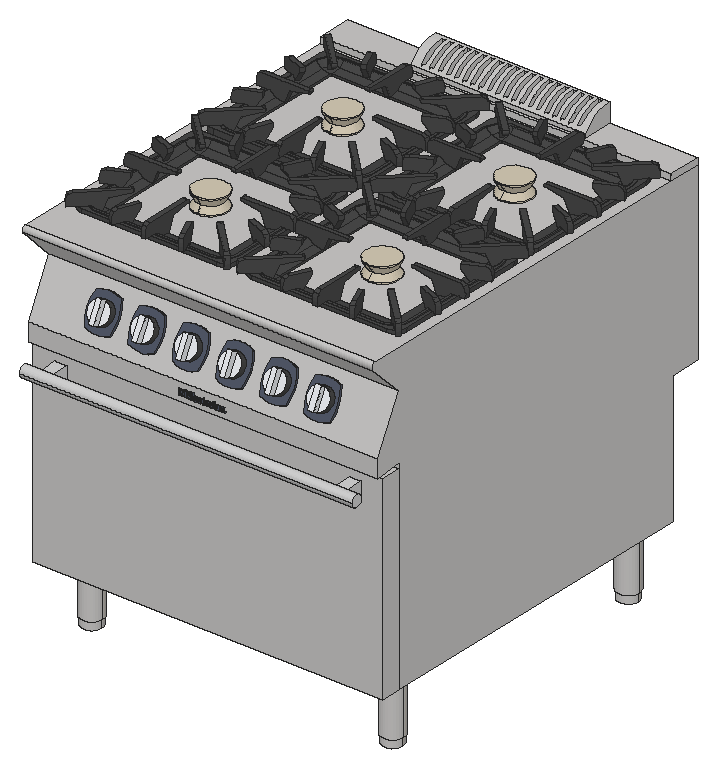
Revit family "QF_ELECTROLUXPROFESSIONAL_391195_E9GCTH4CEM", category Specialty Equipment, Revit 2018 (continued)
Automatic sketch dimensions
  plane 5 "FRONT" to Extrusion 14 sketch curve = 8.678 mm
  Extrusion 14 sketch curve to plane 5 "FRONT" = 30 mm
  Extrusion 14 sketch curve to plane 10 = 298.908 mm
  Extrusion 14 sketch curve to Extrusion 14 sketch curve = 3.343 mm
  Extrusion 14 sketch curve to Extrusion 14 sketch curve = 2.066 mm
  Extrusion 14 sketch curve to Extrusion 14 sketch curve = 5.312 mm
  Extrusion 14 sketch curve to Extrusion 14 sketch curve = 28.009 mm
  plane 5 "FRONT" to Extrusion 15 sketch curve = 22.981 mm
  Extrusion 15 sketch curve to Extrusion 15 sketch curve = 0 mm  (x2)
  Extrusion 15 sketch curve to Extrusion 15 sketch curve = 1.139 mm
  Extrusion 15 sketch curve to Extrusion 15 sketch curve = 3.102 mm
  Extrusion 15 sketch curve to Extrusion 15 sketch curve = 4.033 mm
  Extrusion 15 sketch curve to Extrusion 15 sketch curve = 4.436 mm
  Extrusion 15 sketch curve to Extrusion 15 sketch curve = 5.898 mm
  plane 5 "FRONT" to Extrusion 15 sketch curve = 8.678 mm
  Extrusion 15 sketch curve to plane 5 "FRONT" = 30 mm
  Extrusion 15 sketch curve to plane 10 = 270.899 mm
  Extrusion 15 sketch curve to Extrusion 15 sketch curve = 2.705 mm
  Extrusion 15 sketch curve to Extrusion 15 sketch curve = 5.987 mm
  Extrusion 15 sketch curve to Extrusion 15 sketch curve = 5.312 mm
  Extrusion 15 sketch curve to Extrusion 15 sketch curve = 28.009 mm
  plane 5 "FRONT" to Extrusion 16 sketch curve = 19.878 mm
  Extrusion 16 sketch curve to plane 10 = 279.591 mm
  Extrusion 17 sketch curve to plane 8 "Center X" = 169 mm
  Extrusion 17 sketch curve to plane 4 "RIGHT" = 166.137 mm
  Extrusion 18 sketch curve to plane 8 "Center X" = 219 mm
  Extrusion 18 sketch curve to plane 4 "RIGHT" = 133.637 mm
  Revolve 19 sketch curve to plane 9 "Base" = 0 mm  (x2)
  Revolve 19 sketch curve to level = 0 mm
  Revolve 19 sketch curve to plane 4 "RIGHT" = 30.6 mm
  Revolve 19 sketch curve to Revolve 19 sketch curve = 2.5 mm
  Revolve 19 sketch curve to Revolve 19 sketch curve = 25.4 mm
  Revolve 19 sketch curve to Revolve 19 sketch curve = 0 mm
  plane 9 "Base" to Revolve 19 sketch curve = 20 mm
  level to Revolve 19 sketch curve = 19.05 mm
  Revolve 20 sketch curve to plane 9 "Base" = 0 mm  (x2)
  Revolve 20 sketch curve to level = 0 mm
  Revolve 20 sketch curve to plane 4 "RIGHT" = 30.6 mm
  Revolve 20 sketch curve to Revolve 20 sketch curve = 2.5 mm
  Revolve 20 sketch curve to Revolve 20 sketch curve = 25.4 mm
  Revolve 20 sketch curve to Revolve 20 sketch curve = 0 mm
  plane 9 "Base" to Revolve 20 sketch curve = 20 mm
  level to Revolve 20 sketch curve = 19.05 mm
  Extrusion 5 to Extrusion 21 sketch curve = 28.141 mm  (x12)
  Extrusion 21 sketch curve to Extrusion 21 sketch curve = 12.3 mm  (x6)
  Extrusion 21 sketch curve to Extrusion 21 sketch curve = 36.365 mm  (x7)
  Extrusion 21 sketch curve to Extrusion 21 sketch curve = 0 mm  (x5)
  Extrusion 21 sketch curve to Extrusion 5 = 40.711 mm  (x6)
  Extrusion 21 sketch curve to Extrusion 5 = 28.411 mm  (x12)
  Extrusion 5 to Extrusion 21 sketch curve = 94.369 mm
  Extrusion 21 sketch curve to Extrusion 21 sketch curve = 25.727 mm
  Extrusion 21 sketch curve to Extrusion 21 sketch curve = 26.344 mm
  Extrusion 21 sketch curve to Extrusion 21 sketch curve = 28.57 mm  (x4)
  Extrusion 21 sketch curve to Extrusion 21 sketch curve = 9.217 mm  (x3)
  Extrusion 21 sketch curve to Extrusion 21 sketch curve = 16.51 mm  (x3)
  Extrusion 21 sketch curve to Extrusion 21 sketch curve = 17.128 mm  (x2)
  Extrusion 21 sketch curve to Extrusion 21 sketch curve = 8.501 mm
  Extrusion 21 sketch curve to Extrusion 21 sketch curve = 17.226 mm  (x2)
  Extrusion 21 sketch curve to Extrusion 21 sketch curve = 17.843 mm
  Extrusion 21 sketch curve to Extrusion 21 sketch curve = 7.888 mm
  Extrusion 21 sketch curve to Extrusion 21 sketch curve = 17.839 mm
  Extrusion 21 sketch curve to Extrusion 21 sketch curve = 29.185 mm  (x2)
  Extrusion 21 sketch curve to Extrusion 21 sketch curve = 15.898 mm
  Extrusion 22 sketch curve to Extrusion 22 sketch curve = 0 mm  (x23)
  Extrusion 22 sketch curve to Extrusion 22 sketch curve = 24.732 mm  (x12)
  Extrusion 22 sketch curve to Extrusion 22 sketch curve = 5.786 mm  (x6)
  Extrusion 22 sketch curve to Extrusion 22 sketch curve = 88.428 mm  (x3)
  Extrusion 22 sketch curve to Extrusion 22 sketch curve = 88.514 mm
  Extrusion 22 sketch curve to Extrusion 22 sketch curve = 90.928 mm
  Extrusion 23 sketch curve to plane 4 "RIGHT" = 147.757 mm
  Extrusion 23 sketch curve to plane 7 "Center Y" = 150.344 mm
  Extrusion 23 sketch curve to Extrusion 23 sketch curve = 0 mm  (x5)
  plane 7 "Center Y" to Extrusion 23 sketch curve = 49.743 mm
  Extrusion 23 sketch curve to Extrusion 23 sketch curve = 100 mm  (x2)
  Extrusion 23 sketch curve to plane 7 "Center Y" = 50.257 mm
  curve 12 to plane 3 "LEFT" = 0 mm
  plane 1 "BACK" to curve 3 = 0 mm
  curve 13 to plane 4 "RIGHT" = 0 mm
  curve 5 to plane 5 "FRONT" = 0.121 mm
  curve 5 to curve 1 = 100 mm
  curve 4 to plane 7 "Center Y" = 0.05 mm
  plane 7 "Center Y" to curve 1 = 0.05 mm
  plane 7 "Center Y" to curve 3 = 0.05 mm
  curve 7 to plane 5 "FRONT" = 0.121 mm
  curve 14 to curve 7 = 100 mm
  curve 8 to plane 5 "FRONT" = 0.121 mm
  plane 5 "FRONT" to curve 12 = 379 mm
  curve 11 to plane 11 = 51.8 mm
  curve 5 to plane 1 "BACK" = 150 mm
  plane 1 "BACK" to curve 15 = 0 mm
  curve 16 to plane 11 = 58.15 mm
  plane 13 to curve 16 = 144 mm
  plane 14 to curve 17 = 144 mm
  plane 1 "BACK" to curve 20 = 6.761 mm
  curve 15 to curve 20 = 20.698 mm
  curve 19 to curve 22 = 9.296 mm
  curve 15 to curve 22 = 5.939 mm
  curve 20 to curve 24 = 9.397 mm
  curve 23 to curve 26 = 9.296 mm
  curve 21 to curve 25 = 0 mm
  plane 1 "BACK" to curve 24 = 6.761 mm
  curve 24 to curve 28 = 9.397 mm
  curve 27 to curve 29 = 9.296 mm
  curve 25 to curve 30 = 0 mm
  plane 1 "BACK" to curve 27 = 6.761 mm
  curve 28 to curve 31 = 9.397 mm
  curve 31 to curve 33 = 9.296 mm
  curve 29 to curve 31 = 0 mm
  plane 1 "BACK" to curve 33 = 6.761 mm
  curve 32 to curve 35 = 9.397 mm
  curve 35 to curve 36 = 9.296 mm
  curve 33 to curve 35 = 0 mm
  plane 1 "BACK" to curve 37 = 6.761 mm
  curve 36 to curve 39 = 9.397 mm
  curve 39 to curve 40 = 9.296 mm
  curve 37 to curve 39 = 0 mm
  plane 1 "BACK" to curve 41 = 6.761 mm
  curve 40 to curve 43 = 9.397 mm
  curve 43 to curve 44 = 9.296 mm
  curve 41 to curve 43 = 0 mm
  plane 1 "BACK" to curve 45 = 6.761 mm
  curve 45 to curve 50 = 9.397 mm
  curve 47 to curve 48 = 9.296 mm
  curve 45 to curve 47 = 0 mm
  plane 1 "BACK" to curve 49 = 6.761 mm
  curve 53 to curve 16 = 24.143 mm
  curve 52 to curve 51 = 9.296 mm
  curve 16 to curve 51 = 5.939 mm
  plane 1 "BACK" to curve 51 = 6.761 mm
  plane 1 "BACK" to curve 57 = 6.761 mm
  curve 57 to curve 53 = 18.693 mm
  curve 56 to curve 55 = 9.296 mm
  curve 55 to curve 52 = 0 mm
  plane 1 "BACK" to curve 61 = 6.761 mm
  curve 61 to curve 57 = 18.693 mm
  curve 60 to curve 59 = 9.296 mm
  curve 59 to curve 56 = 0 mm
  plane 1 "BACK" to curve 65 = 6.761 mm
  curve 65 to curve 61 = 18.693 mm
  curve 65 to curve 66 = 9.296 mm
  curve 63 to curve 60 = 0 mm
  plane 1 "BACK" to curve 69 = 6.761 mm
  curve 69 to curve 65 = 18.693 mm
  curve 69 to curve 70 = 9.296 mm
  curve 67 to curve 64 = 0 mm
  plane 1 "BACK" to curve 74 = 6.761 mm
  curve 74 to curve 69 = 18.693 mm
  curve 72 to curve 71 = 9.296 mm
  curve 71 to curve 68 = 0 mm
  curve 48 to curve 75 = 9.397 mm
  curve 75 to curve 76 = 9.296 mm
  curve 49 to curve 75 = 0 mm
  plane 1 "BACK" to curve 77 = 6.761 mm
  curve 76 to curve 79 = 9.397 mm
  curve 82 to plane 7 "Center Y" = 1.773 mm
  curve 77 to curve 79 = 0 mm
  plane 1 "BACK" to curve 83 = 6.761 mm
  plane 7 "Center Y" to curve 85 = 7.624 mm
  curve 85 to curve 86 = 9.296 mm
  curve 80 to curve 84 = 0 mm
  plane 1 "BACK" to curve 87 = 6.761 mm
  curve 84 to curve 88 = 9.397 mm
  curve 89 to curve 90 = 9.296 mm
  curve 84 to curve 88 = 0 mm
  plane 1 "BACK" to curve 91 = 6.761 mm
  curve 88 to curve 92 = 9.397 mm
  curve 92 to curve 92 = 9.296 mm
  curve 88 to curve 92 = 0 mm
  plane 1 "BACK" to curve 95 = 6.761 mm
  curve 94 to curve 98 = 9.397 mm
  curve 97 to curve 98 = 9.296 mm
  curve 96 to curve 72 = 0 mm
  plane 1 "BACK" to curve 99 = 6.761 mm
  radius of Extrusion 16 sketch curve = 12.7 mm
  radius of Extrusion 17 sketch curve = 6.35 mm
  radius of Extrusion 18 sketch curve = 3.175 mm
  radius of Extrusion 23 sketch curve = 25.4 mm  (x6)
Nested families
  nested 1: "371009_BURNER1" at (3.775, 1.3, 1.386), type "371009_BURNER 2"
    with Type Mark "", Status "", Specification by User "", Revision Code "", Item Number "", Installed By "", Identify Quantity as Lot yes, Furnished By "", Foodservice Equipment Identifier yes
  nested 2: "371009_BURNER1" at (3.775, -916.577, 1.828), type "371009_BURNER 2"
    with Type Mark "", Status "", Specification by User "", Revision Code "", Item Number "", Installed By "", Identify Quantity as Lot yes, Furnished By "", Foodservice Equipment Identifier yes
  nested 3: "371009_BURNER1" at (795.6, 1.3, 1.386) x (-1, 0, 0) z (0, 0, 1), type "371009_BURNER 2"
    with Type Mark "", Status "", Specification by User "", Revision Code "", Item Number "", Installed By "", Identify Quantity as Lot yes, Furnished By "", Foodservice Equipment Identifier yes
  nested 4: "371009_BURNER1" at (795.6, -916.577, 1.828) x (-1, 0, 0) z (0, 0, 1), type "371009_BURNER 2"
    with Type Mark "", Status "", Specification by User "", Revision Code "", Item Number "", Installed By "", Identify Quantity as Lot yes, Furnished By "", Foodservice Equipment Identifier yes
Connectors
  piping at (633.863, -634, 132.891), diameter 12.8
    settings: on Extrusion 17, index 5, connector inside diameter 0.50394", connector length 0 mm, flow factor 0, pipe flow 0 GPM, pressure drop 0.00 psi, fitting loss kfactor 0, connector angle 0.00°, fixture units 0, engagement length 0 mm, angle of deflection 0.00°, flow configuration 1, flow direction 1, fitting loss method 0, system type 7, joint type 0, gender type 0, connector reference index -1, connector utility 0, adjustable connector no, is connector primary yes, connector description "GAS INLET"
  electrical at (666.363, -684, 138.89), driven by "Volts", driven by "Watts"
    settings: on Extrusion 18, index 6, voltage 400 V, apparent load 6000 VA, apparent load phase1 0 VA, apparent load phase2 0 VA, apparent load phase3 0 VA, power factor 1, load classification "Other", number of poles 1, system type 30, power factor state 1, is connector primary yes, connector utility no, sub classification motor no, connector description "ELECTRICAL CONNECTIO"
Definition of nested family "371009_BURNER1"
  Parameters
    Weight in Pounds = 0
    URL Cutsheet = ""
    URL = "www.electrolux.com"
    Type Mark [instance] = ""
    Status [instance] = ""
    Specification by User [instance] = ""
    Specification by Manufacturer = ""
    Serial Number = ""
    Seismic Rating = ""
    SMACNA No = ""
    Revision Code [instance] = ""
    Omniclass Number and Title = ""
    NAFEM Spec ID Number = ""
    Model = "371009"
    Masterspec = ""
    Manufacturer = "ELECTROLUX"
    Item Number [instance] = ""
    Installed By [instance] = ""
    Identify Quantity as Lot [instance] = yes
    Furnished By [instance] = ""
    Foodservice Equipment Identifier [instance] = yes
    Description = ""
    CSI MasterFormat = ""
    CSI Master Format = ""
  Reference planes
    plane 1 "BACK": y = 0
    plane 2: z = 0
    plane 3 "LEFT": x = 0
    plane 4 "RIGHT": x = 800
    plane 5 "FRONT": y = -746
    plane 6 "TOP": z = 908.85
    plane 7 "Center Y": x = 400
    plane 8 "Center X": y = -373
    plane 9 "Base": z = 150
    plane 10: z = 850.85
    plane 11: y = -560.662
    plane 12: x = 200
    plane 13: x = 26.589
    plane 14: y = -270.662
    plane 15: y = -270.164
    plane 16: through (200, -270.164, 1219.2) normal (-0.7071, -0.7071, 0)
    plane 17: z = 837.85
  Forms (mm)
    Extrusion 1, solid
      sketch origin (0, 297.5, 850.85) x (0, -1, 0) y (1, 0, 0)
        loop
          arc (721.344, 21.589) -> (739.022, 28.911) -> (746.344, 46.589) r 25
          line (746.344, 46.589) -> (746.344, 356.067)
          arc (746.344, 356.067) -> (739.022, 373.745) -> (721.344, 381.067) r 25
          line (721.344, 381.067) -> (414.979, 381.067)
          arc (414.979, 381.067) -> (397.301, 373.745) -> (389.979, 356.067) r 25
          line (389.979, 356.067) -> (389.979, 46.589)
          arc (389.979, 46.589) -> (397.301, 28.911) -> (414.979, 21.589) r 25
          line (414.979, 21.589) -> (721.344, 21.589)
        loop
          arc (736.344, 331.067) -> (724.629, 359.351) -> (696.344, 371.067) r 40
          line (696.344, 371.067) -> (439.979, 371.067)
          arc (439.979, 371.067) -> (411.695, 359.351) -> (399.979, 331.067) r 40
          line (399.979, 331.067) -> (399.979, 71.589)
          arc (399.979, 71.589) -> (411.695, 43.305) -> (439.979, 31.589) r 40
          line (439.979, 31.589) -> (696.344, 31.589)
          arc (696.344, 31.589) -> (724.629, 43.305) -> (736.344, 71.589) r 40
          line (736.344, 71.589) -> (736.344, 331.067)
      from -13 to 5
    Extrusion 2, solid
      sketch origin (-1.172, 264.195, 855.85) x (0, -1, 0) y (1, 0, 0)
        loop
          circle (534.359, 200.557) r 38.013
      from -18 to 17.134
    Extrusion 3, solid
      sketch origin (373.972, -499.449, 5) x (-1, 0, 0) y (0, 0, 1)
        loop
          arc (367.401, 850.85) -> (368.084, 863.199) -> (365.18, 875.222) r 42.472
          line (365.18, 875.222) -> (355.039, 879.425) -> (249.476, 879.425)
          arc (249.476, 879.425) -> (246.207, 876.242) -> (249.302, 872.889) r 3.27
          line (249.302, 872.889) -> (291.617, 865.249) -> (303.633, 836.503) -> (325.334, 840.33) -> (337.356, 850.85) -> (367.401, 850.85)
      from 224.564 to 234.564
    Sweep 4, solid
      path origin (0, 0, 0) x (1, 0, 0) y (0, 1, 0)
        loop
          line (331.067, -92.479) -> (71.589, -92.479)
          arc (71.589, -92.479) -> (36.234, -107.124) -> (21.589, -142.479) r 50
          line (21.589, -142.479) -> (21.589, -398.844)
          arc (21.589, -398.844) -> (36.234, -434.2) -> (71.589, -448.844) r 50
          line (71.589, -448.844) -> (331.067, -448.844)
          arc (331.067, -448.844) -> (366.422, -434.2) -> (381.067, -398.844) r 50
          line (381.067, -398.844) -> (381.067, -142.479)
          arc (381.067, -142.479) -> (366.422, -107.124) -> (331.067, -92.479) r 50
      profile origin (201.328, -92.479, 0) x (0, -1, 0) y (0, 0, 1)
        loop
          line (10, 856.078) -> (10, 837.85) -> (48.75, 837.85) -> (48.75, 841.503) -> (27.049, 845.33) -> (14.766, 856.078) -> (10, 856.078)
    Extrusion 5, solid
      sketch origin (429.181, -89.806, 5) x (0.000597, -1, 0) y (0, 0, 1)
        loop
          arc (367.401, 850.85) -> (368.084, 863.199) -> (365.18, 875.222) r 42.472
          line (365.18, 875.222) -> (355.039, 879.425) -> (249.476, 879.425)
          arc (249.476, 879.425) -> (246.207, 876.242) -> (249.302, 872.889) r 3.27
          line (249.302, 872.889) -> (291.617, 865.249) -> (303.633, 836.503) -> (325.334, 840.33) -> (337.356, 850.85) -> (367.401, 850.85)
      from 224.564 to 234.564
    Extrusion 6, solid
      sketch origin (25.754, -41.087, 5) x (0.999999, 0.001195, 0) y (0, 0, 1)
        loop
          arc (367.401, 850.85) -> (368.084, 863.199) -> (365.18, 875.222) r 42.472
          line (365.18, 875.222) -> (355.039, 879.425) -> (249.476, 879.425)
          arc (249.476, 879.425) -> (246.207, 876.242) -> (249.302, 872.889) r 3.27
          line (249.302, 872.889) -> (291.617, 865.249) -> (303.633, 836.503) -> (325.334, 840.33) -> (337.356, 850.85) -> (367.401, 850.85)
      from 224.564 to 234.564
    Extrusion 7, solid
      sketch origin (-28.973, -447.047, 5) x (-0.001792, 0.999998, 0) y (0, 0, 1)
        loop
          arc (367.401, 850.85) -> (368.084, 863.199) -> (365.18, 875.222) r 42.472
          line (365.18, 875.222) -> (355.039, 879.425) -> (249.476, 879.425)
          arc (249.476, 879.425) -> (246.207, 876.242) -> (249.302, 872.889) r 3.27
          line (249.302, 872.889) -> (291.617, 865.249) -> (303.633, 836.503) -> (325.334, 840.33) -> (337.356, 850.85) -> (367.401, 850.85)
      from 224.564 to 234.564
    Extrusion 8, solid
      sketch origin (113.94, -507.848, 5) x (-0.708584, 0.705627, 0) y (0, 0, 1)
        loop
          arc (367.401, 850.85) -> (368.084, 863.199) -> (365.18, 875.222) r 42.472
          line (365.18, 875.222) -> (355.039, 879.425) -> (249.476, 879.425)
          arc (249.476, 879.425) -> (246.207, 876.242) -> (249.302, 872.889) r 3.27
          line (249.302, 872.889) -> (291.617, 865.249) -> (303.633, 836.503) -> (325.334, 840.33) -> (337.356, 850.85) -> (367.401, 850.85)
      from 224.564 to 234.564
    Extrusion 9, solid
      sketch origin (286.06, -507.848, 5) x (0.708584, 0.705627, 0) y (0, 0, -1)
        loop
          line (367.401, -850.85) -> (337.356, -850.85) -> (325.334, -840.33) -> (303.633, -836.503) -> (291.617, -865.249) -> (249.302, -872.889)
          arc (249.302, -872.889) -> (246.207, -876.242) -> (249.476, -879.425) r 3.27
          line (249.476, -879.425) -> (355.039, -879.425) -> (365.18, -875.222)
          arc (365.18, -875.222) -> (368.084, -863.199) -> (367.401, -850.85) r 42.472
      from 224.564 to 234.564
    Extrusion 10, solid
      sketch origin (113.94, -32.481, 5) x (-0.708584, -0.705627, 0) y (0, 0, -1)
        loop
          line (367.401, -850.85) -> (337.356, -850.85) -> (325.334, -840.33) -> (303.633, -836.503) -> (291.617, -865.249) -> (249.302, -872.889)
          arc (249.302, -872.889) -> (246.207, -876.242) -> (249.476, -879.425) r 3.27
          line (249.476, -879.425) -> (355.039, -879.425) -> (365.18, -875.222)
          arc (365.18, -875.222) -> (368.084, -863.199) -> (367.401, -850.85) r 42.472
      from 224.564 to 234.564
    Extrusion 11, solid
      sketch origin (286.06, -32.481, 5) x (0.708584, -0.705627, 0) y (0, 0, 1)
        loop
          arc (367.401, 850.85) -> (368.084, 863.199) -> (365.18, 875.222) r 42.472
          line (365.18, 875.222) -> (355.039, 879.425) -> (249.476, 879.425)
          arc (249.476, 879.425) -> (246.207, 876.242) -> (249.302, 872.889) r 3.27
          line (249.302, 872.889) -> (291.617, 865.249) -> (303.633, 836.503) -> (325.334, 840.33) -> (337.356, 850.85) -> (367.401, 850.85)
      from 224.564 to 234.564
    Extrusion 12, solid
      sketch origin (0.715, -325.908, 5) x (0.919932, -0.392078, 0) y (0, 0, -1)
        loop
          line (310.039, -879.425) -> (355.039, -879.425) -> (365.213, -874.972)
          arc (365.213, -874.972) -> (368.18, -863.088) -> (367.648, -850.85) r 42.651
          line (367.648, -850.85) -> (336.946, -850.85) -> (328.726, -843.704) -> (310.039, -869.425) -> (310.039, -879.425)
      from 127.064 to 137.064
    Extrusion 13, solid
      sketch origin (0.715, -214.42, 5) x (0.919932, 0.392078, 0) y (0, 0, 1)
        loop
          line (310.039, 879.425) -> (310.039, 869.425) -> (328.726, 843.704) -> (336.946, 850.85) -> (367.648, 850.85)
          arc (367.648, 850.85) -> (368.18, 863.088) -> (365.213, 874.972) r 42.651
          line (365.213, 874.972) -> (355.039, 879.425) -> (310.039, 879.425)
      from 127.064 to 137.064
    Extrusion 14, solid
      sketch origin (399.285, -325.908, 5) x (-0.919932, -0.392078, 0) y (0, 0, 1)
        loop
          line (310.039, 879.425) -> (310.039, 869.425) -> (328.726, 843.704) -> (336.946, 850.85) -> (367.648, 850.85)
          arc (367.648, 850.85) -> (368.18, 863.088) -> (365.213, 874.972) r 42.651
          line (365.213, 874.972) -> (355.039, 879.425) -> (310.039, 879.425)
      from 127.064 to 137.064
    Extrusion 15, solid
      sketch origin (399.285, -214.42, 5) x (-0.919932, 0.392078, 0) y (0, 0, -1)
        loop
          line (310.039, -879.425) -> (355.039, -879.425) -> (365.213, -874.972)
          arc (365.213, -874.972) -> (368.18, -863.088) -> (367.648, -850.85) r 42.651
          line (367.648, -850.85) -> (336.946, -850.85) -> (328.726, -843.704) -> (310.039, -869.425) -> (310.039, -879.425)
      from 127.064 to 137.064
    Extrusion 16, solid
      sketch origin (142.262, -474.771, 5) x (-0.392078, 0.919932, 0) y (0, 0, 1)
        loop
          line (310.039, 879.425) -> (310.039, 869.425) -> (328.726, 843.704) -> (336.946, 850.85) -> (367.648, 850.85)
          arc (367.648, 850.85) -> (368.18, 863.088) -> (365.213, 874.972) r 42.651
          line (365.213, 874.972) -> (355.039, 879.425) -> (310.039, 879.425)
      from 127.064 to 137.064
    Extrusion 17, solid
      sketch origin (257.738, -474.771, 5) x (0.392078, 0.919932, 0) y (0, 0, -1)
        loop
          line (310.039, -879.425) -> (355.039, -879.425) -> (365.213, -874.972)
          arc (365.213, -874.972) -> (368.18, -863.088) -> (367.648, -850.85) r 42.651
          line (367.648, -850.85) -> (336.946, -850.85) -> (328.726, -843.704) -> (310.039, -869.425) -> (310.039, -879.425)
      from 127.064 to 137.064
    Extrusion 18, solid
      sketch origin (142.262, -65.558, 5) x (-0.392078, -0.919932, 0) y (0, 0, -1)
        loop
          line (310.039, -879.425) -> (355.039, -879.425) -> (365.213, -874.972)
          arc (365.213, -874.972) -> (368.18, -863.088) -> (367.648, -850.85) r 42.651
          line (367.648, -850.85) -> (336.946, -850.85) -> (328.726, -843.704) -> (310.039, -869.425) -> (310.039, -879.425)
      from 127.064 to 137.064
    Extrusion 19, solid
      sketch origin (257.738, -65.558, 5) x (0.392078, -0.919932, 0) y (0, 0, 1)
        loop
          line (310.039, 879.425) -> (310.039, 869.425) -> (328.726, 843.704) -> (336.946, 850.85) -> (367.648, 850.85)
          arc (367.648, 850.85) -> (368.18, 863.088) -> (365.213, 874.972) r 42.651
          line (365.213, 874.972) -> (355.039, 879.425) -> (310.039, 879.425)
      from 127.064 to 137.064
    Sweep 20, void
      path origin (0, 0, 0) x (1, 0, 0) y (0, 1, 0)
        loop
          circle (199.385, -270.164) r 38.013
      profile origin (161.372, -270.164, 0) x (1, 0, 0) y (0, 0, 1)
        loop
          line (-0.315, 870.966) -> (-0.315, 872.984) -> (-2.715, 872.984) -> (-2.715, 837.85) -> (-0.312, 837.85) -> (-0.312, 839.084) -> (9.051, 854.069) -> (-0.315, 870.966)
  Cuts and joins
    Sweep 20 cuts Extrusion 2
  Lines and regions (mm)
    symbolic lines
      curve 1: line (195, -78.952, 0) -> (195, -199.886, 0)
      curve 2: line (205, -199.886, 0) -> (205, -78.952, 0)
      curve 3: line (381.096, -81.997, 0) -> (293.175, -169.918, 0)
      curve 4: line (300.246, -176.989, 0) -> (388.167, -89.068, 0)
      curve 5: line (389.433, -186.871, 0) -> (335.749, -209.751, 0)
      curve 6: line (339.669, -218.951, 0) -> (393.354, -196.07, 0)
      curve 7: line (262.407, -139.737, 0) -> (285.28, -86.07, 0)
      curve 8: line (276.081, -82.15, 0) -> (253.208, -135.817, 0)
      curve 9: line (146.792, -135.817, 0) -> (123.942, -82.203, 0)
      curve 10: line (114.743, -86.124, 0) -> (137.593, -139.737, 0)
      curve 11: line (106.825, -169.918, 0) -> (18.591, -81.685, 0)
      curve 12: line (11.52, -88.756, 0) -> (99.754, -176.989, 0)
      curve 13: arc (46.589, -92.479, 0) -> (39.644, -93.463, 0) -> (33.245, -96.338, 0) r 25
      curve 14: arc (21.69, -116.753, 0) -> (22.738, -109.591, 0) -> (25.794, -103.029, 0) r 25
      curve 15: line (46.589, -92.479, 0) -> (117.451, -92.479, 0)
      curve 16: line (128.322, -92.479, 0) -> (195, -92.479, 0)
      curve 17: line (205, -92.479, 0) -> (271.678, -92.479, 0)
      curve 18: line (282.549, -92.479, 0) -> (356.067, -92.479, 0)
      curve 19: arc (367.728, -95.365, 0) -> (362.073, -93.211, 0) -> (356.067, -92.479, 0) r 25
      curve 20: arc (381.067, -117.479, 0) -> (379.632, -109.132, 0) -> (375.493, -101.743, 0) r 25
      curve 21: line (11.52, -88.756, 0) -> (18.591, -81.685, 0)
      curve 22: line (99.754, -176.989, 0) -> (106.825, -169.918, 0)
      curve 23: line (137.593, -139.737, 0) -> (146.792, -135.817, 0)
      curve 24: line (114.743, -86.124, 0) -> (123.942, -82.203, 0)
      curve 25: line (195, -78.952, 0) -> (205, -78.952, 0)
      curve 26: line (195, -199.886, 0) -> (205, -199.886, 0)
      curve 27: line (276.081, -82.15, 0) -> (285.28, -86.07, 0)
      curve 28: line (253.208, -135.817, 0) -> (262.407, -139.737, 0)
      curve 29: line (293.175, -169.918, 0) -> (300.246, -176.989, 0)
      curve 30: line (381.096, -81.997, 0) -> (388.167, -89.068, 0)
      curve 31: line (335.749, -209.751, 0) -> (339.669, -218.951, 0)
      curve 32: line (389.433, -186.871, 0) -> (393.354, -196.07, 0)
      curve 33: line (10.567, -186.871, 0) -> (64.251, -209.751, 0)
      curve 34: line (60.331, -218.951, 0) -> (6.646, -196.07, 0)
      curve 35: line (64.251, -209.751, 0) -> (60.331, -218.951, 0)
      curve 36: line (10.567, -186.871, 0) -> (6.646, -196.07, 0)
      curve 37: line (21.69, -264.886, 0) -> (21.69, -202.482, 0)
      curve 38: line (21.589, -191.568, 0) -> (21.589, -117.479, 0)
      curve 39: line (194.687, -457.85, 0) -> (194.687, -336.281, 0)
      curve 40: line (205, -336.281, 0) -> (205, -457.85, 0)
      curve 41: line (381.409, -458.644, 0) -> (293.175, -370.411, 0)
      curve 42: line (300.246, -363.34, 0) -> (388.48, -451.573, 0)
      curve 43: line (389.433, -353.458, 0) -> (335.749, -330.578, 0)
      curve 44: line (339.669, -321.378, 0) -> (393.354, -344.259, 0)
      curve 45: line (262.407, -400.591, 0) -> (285.276, -454.249, 0)
      curve 46: line (276.077, -458.17, 0) -> (253.208, -404.512, 0)
      curve 47: line (146.792, -404.512, 0) -> (123.794, -458.473, 0)
      curve 48: line (114.594, -454.553, 0) -> (137.593, -400.591, 0)
      curve 49: line (106.825, -370.411, 0) -> (18.591, -458.644, 0)
      curve 50: line (11.52, -451.573, 0) -> (99.754, -363.34, 0)
      curve 51: arc (46.589, -447.85, 0) -> (39.644, -446.865, 0) -> (33.245, -443.99, 0) r 25
      curve 52: arc (21.69, -423.575, 0) -> (22.738, -430.738, 0) -> (25.794, -437.3, 0) r 25
      curve 53: line (46.589, -447.85, 0) -> (117.451, -447.85, 0)
      curve 54: line (128.322, -447.85, 0) -> (194.687, -447.85, 0)
      curve 55: line (205, -447.85, 0) -> (271.678, -447.85, 0)
      curve 56: line (282.549, -447.85, 0) -> (356.067, -447.85, 0)
      curve 57: arc (367.728, -444.963, 0) -> (362.073, -447.117, 0) -> (356.067, -447.85, 0) r 25
      curve 58: arc (381.067, -422.85, 0) -> (379.632, -431.197, 0) -> (375.493, -438.586, 0) r 25
      curve 59: line (11.52, -451.573, 0) -> (18.591, -458.644, 0)
      curve 60: line (99.754, -363.34, 0) -> (106.825, -370.411, 0)
      curve 61: line (137.593, -400.591, 0) -> (146.792, -404.512, 0)
      curve 62: line (114.594, -454.553, 0) -> (123.794, -458.473, 0)
      curve 63: line (194.687, -457.85, 0) -> (205, -457.85, 0)
      curve 64: line (194.687, -336.281, 0) -> (205, -336.281, 0)
      curve 65: line (276.077, -458.17, 0) -> (285.276, -454.249, 0)
      curve 66: line (253.208, -404.512, 0) -> (262.407, -400.591, 0)
      curve 67: line (293.175, -370.411, 0) -> (300.246, -363.34, 0)
      curve 68: line (381.409, -458.644, 0) -> (388.48, -451.573, 0)
      curve 69: line (335.749, -330.578, 0) -> (339.669, -321.378, 0)
      curve 70: line (389.433, -353.458, 0) -> (393.354, -344.259, 0)
      curve 71: line (10.548, -353.466, 0) -> (64.251, -330.578, 0)
      curve 72: line (60.331, -321.378, 0) -> (6.627, -344.267, 0)
      curve 73: line (64.251, -330.578, 0) -> (60.331, -321.378, 0)
      curve 74: line (10.548, -353.466, 0) -> (6.627, -344.267, 0)
      curve 75: line (21.69, -274.886, 0) -> (21.69, -337.847, 0)
      curve 76: line (21.589, -348.76, 0) -> (21.589, -422.85, 0)
      curve 77: line (127.734, -264.886, 0) -> (5.712, -264.886, 0)
      curve 78: line (5.712, -274.886, 0) -> (127.734, -274.886, 0)
      curve 79: line (5.712, -264.886, 0) -> (5.712, -274.886, 0)
      curve 80: line (127.734, -264.886, 0) -> (127.734, -274.886, 0)
      curve 81: line (381.067, -117.479, 0) -> (381.067, -190.436, 0)
      curve 82: line (381.066, -201.307, 0) -> (381.066, -264.886, 0)
      curve 83: line (381.067, -274.886, 0) -> (381.067, -339.022, 0)
      curve 84: line (381.067, -349.892, 0) -> (381.067, -422.85, 0)
      curve 85: arc (199.385, -308.177, 0) -> (237.397, -270.164, 0) -> (199.385, -232.152, 0) r 38.013
      curve 86: arc (199.385, -232.152, 0) -> (161.372, -270.164, 0) -> (199.385, -308.177, 0) r 38.013
      curve 87: arc (121.795, -264.886, 0) -> (142.994, -211.615, 0) -> (195, -187.476, 0) r 77.53
      curve 88: arc (205, -187.594, 0) -> (256.096, -212.13, 0) -> (276.824, -264.886, 0) r 77.5
      curve 89: line (121.824, -274.886, 0) -> (121.824, -421.795, 0)
      curve 90: line (278.176, -274.886, 0) -> (278.176, -421.795, 0)
      curve 91: line (251.176, -269.953, 0) -> (251.176, -421.795, 0)
      curve 92: line (148.824, -269.953, 0) -> (148.824, -421.795, 0)
      curve 93: arc (251.176, -269.953, 0) -> (200, -218.777, 0) -> (148.824, -269.953, 0) r 51.176
      curve 94: arc (205, -386.627, 0) -> (225, -362.132, 0) -> (205, -337.637, 0) r 25
      curve 95: line (162.157, -277.847, 0) -> (162.157, -421.795, 0)
      curve 96: line (272.266, -264.886, 0) -> (394.288, -264.886, 0)
      curve 97: line (394.288, -274.886, 0) -> (272.266, -274.886, 0)
      curve 98: line (394.288, -264.886, 0) -> (394.288, -274.886, 0)
      curve 99: line (272.266, -264.886, 0) -> (272.266, -274.886, 0)
      curve 100: arc (194.687, -337.703, 0) -> (175, -362.132, 0) -> (194.687, -386.561, 0) r 25
      curve 101: line (236.593, -277.847, 0) -> (236.593, -421.795, 0)
      curve 102: line (70.339, -392.754, 0) -> (70.339, -274.886, 0)
      curve 103: line (69.783, -264.886, 0) -> (69.783, -147.018, 0)
      curve 104: line (78.136, -141.229, 0) -> (195, -141.229, 0)
      curve 105: line (205, -141.229, 0) -> (321.864, -141.229, 0)
      curve 106: line (332.317, -144.919, 0) -> (332.317, -264.886, 0)
      curve 107: arc (48.638, -142.479, 0) -> (49.625, -135.821, 0) -> (52.501, -129.736, 0) r 22.951
      curve 108: line (71.589, -119.528, 0) -> (128.98, -119.528, 0)
      curve 109: line (48.638, -398.844, 0) -> (48.638, -337.232, 0)
      curve 110: line (354.018, -142.479, 0) -> (354.018, -201.965, 0)
      curve 111: arc (331.067, -119.528, 0) -> (336.271, -120.126, 0) -> (341.205, -121.889, 0) r 22.951
      curve 112: line (331.067, -421.795, 0) -> (271.444, -421.795, 0)
      curve 113: arc (71.589, -421.795, 0) -> (65.089, -420.856, 0) -> (59.122, -418.114, 0) r 22.951
      curve 114: arc (354.018, -398.844, 0) -> (352.851, -406.07, 0) -> (349.468, -412.561, 0) r 22.951
      curve 115: arc (341.862, -419.098, 0) -> (336.631, -421.111, 0) -> (331.067, -421.795, 0) r 22.951
      curve 116: line (354.018, -338.364, 0) -> (354.018, -398.844, 0)
      curve 117: line (354.018, -274.886, 0) -> (354.018, -327.493, 0)
      curve 118: line (260.574, -421.795, 0) -> (205, -421.795, 0)
      curve 119: line (194.687, -421.795, 0) -> (139.426, -421.795, 0)
      curve 120: line (128.556, -421.795, 0) -> (71.589, -421.795, 0)
      curve 121: arc (52.111, -410.983, 0) -> (49.523, -405.157, 0) -> (48.638, -398.844, 0) r 22.951
      curve 122: line (48.638, -326.362, 0) -> (48.638, -274.886, 0)
      curve 123: line (48.638, -264.886, 0) -> (48.638, -213.967, 0)
      curve 124: line (48.638, -203.097, 0) -> (48.638, -142.479, 0)
      curve 125: arc (59.734, -122.827, 0) -> (65.436, -120.368, 0) -> (71.589, -119.528, 0) r 22.951
      curve 126: line (139.85, -119.528, 0) -> (195, -119.528, 0)
      curve 127: line (205, -119.528, 0) -> (260.15, -119.528, 0)
      curve 128: line (271.02, -119.528, 0) -> (331.067, -119.528, 0)
      curve 129: arc (349.035, -128.2, 0) -> (352.736, -134.918, 0) -> (354.018, -142.479, 0) r 22.951
      curve 130: line (332.317, -274.886, 0) -> (332.317, -395.41, 0)
      curve 131: line (354.018, -212.835, 0) -> (354.018, -264.886, 0)
  Dimensions and locks
    equal spacing: plane 3 "LEFT", plane 7 "Center Y", plane 4 "RIGHT"
    plane 3 "LEFT" to plane 4 "RIGHT" = 800 mm
    equal spacing: plane 5 "FRONT", plane 8 "Center X", plane 1 "BACK"
    plane 5 "FRONT" to plane 1 "BACK" = 746 mm
    plane 6 "TOP" to level = 908.85 mm
    plane 9 "Base" to level = 150 mm
    plane 6 "TOP" to plane 10 = 58 mm  (x2)
    plane 10 to plane 17 = 13 mm
    aligned and locked: level to plane 2
  Automatic sketch dimensions
    Extrusion 1 sketch curve to plane 13 = 20 mm  (x2)
    plane 1 "BACK" to Extrusion 1 sketch curve = 92.479 mm
    Extrusion 1 sketch curve to Extrusion 1 sketch curve = 10 mm
    Extrusion 1 sketch curve to plane 7 "Center Y" = 18.933 mm
    Extrusion 1 sketch curve to Extrusion 1 sketch curve = 25 mm  (x6)
    plane 13 to Extrusion 1 sketch curve = 5 mm
    Extrusion 1 sketch curve to plane 13 = 5 mm
    Extrusion 1 sketch curve to plane 8 "Center X" = 25.844 mm  (x2)
    Extrusion 1 sketch curve to Extrusion 1 sketch curve = 15 mm
    plane 15 to Extrusion 2 sketch curve = 0 mm
    Extrusion 2 sketch curve to plane 12 = 0.615 mm
    plane 10 to Extrusion 3 sketch curve = 27.039 mm
    Extrusion 3 sketch curve to plane 12 = 75.331 mm
    Extrusion 3 sketch curve to Extrusion 3 sketch curve = 0.174 mm
    plane 10 to Extrusion 3 sketch curve = 19.399 mm
    Extrusion 3 sketch curve to Extrusion 3 sketch curve = 42.315 mm
    plane 17 to Extrusion 3 sketch curve = 3.653 mm
    Extrusion 3 sketch curve to Extrusion 3 sketch curve = 12.015 mm
    Extrusion 3 sketch curve to plane 10 = 5.52 mm
    Extrusion 3 sketch curve to Extrusion 3 sketch curve = 21.701 mm
    Extrusion 3 sketch curve to Extrusion 3 sketch curve = 0.454 mm
    plane 10 to Extrusion 3 sketch curve = 5 mm
    Extrusion 3 sketch curve to plane 13 = 10.026 mm
    plane 13 to Extrusion 3 sketch curve = 7.656 mm
    plane 3 "LEFT" to Extrusion 3 sketch curve = 8.792 mm
    plane 3 "LEFT" to Extrusion 3 sketch curve = 6.57 mm
    plane 10 to Extrusion 3 sketch curve = 13.494 mm
    Extrusion 3 sketch curve to Extrusion 3 sketch curve = 3.266 mm
    plane 13 to Sweep 4 sketch curve = 5 mm
    Sweep 4 sketch curve to plane 13 = 45 mm  (x2)
    Sweep 4 sketch curve to plane 7 "Center Y" = 68.933 mm  (x2)
    Sweep 4 sketch curve to plane 7 "Center Y" = 18.933 mm
    Sweep 4 sketch curve to plane 8 "Center X" = 75.844 mm
    Sweep 4 sketch curve to plane 15 = 127.685 mm
    Sweep 4 sketch curve to profile plane = 10 mm
    Sweep 4 sketch curve to Sweep 4 sketch curve = 4.766 mm
    Sweep 4 sketch curve to Sweep 4 sketch curve = 12.283 mm
    Sweep 4 sketch curve to Sweep 4 sketch curve = 21.701 mm
    level to Sweep 4 sketch curve = 837.85 mm
    Sweep 4 sketch curve to Sweep 4 sketch curve = 3.653 mm
    Sweep 4 sketch curve to Sweep 4 sketch curve = 7.48 mm
    Sweep 4 sketch curve to Sweep 4 sketch curve = 18.228 mm
    plane 10 to Extrusion 5 sketch curve = 27.039 mm
    Extrusion 5 sketch curve to Extrusion 5 sketch curve = 0.174 mm
    plane 10 to Extrusion 5 sketch curve = 19.399 mm
    Extrusion 5 sketch curve to Extrusion 5 sketch curve = 42.315 mm
    plane 17 to Extrusion 5 sketch curve = 3.653 mm
    Extrusion 5 sketch curve to Extrusion 5 sketch curve = 12.015 mm
    Extrusion 5 sketch curve to plane 10 = 5.52 mm
    Extrusion 5 sketch curve to Extrusion 5 sketch curve = 21.701 mm
    Extrusion 5 sketch curve to Extrusion 5 sketch curve = 0.454 mm
    plane 10 to Extrusion 5 sketch curve = 5 mm
    Extrusion 5 sketch curve to Extrusion 5 sketch curve = 11.569 mm
    Extrusion 5 sketch curve to plane 6 "TOP" = 24.425 mm
    Extrusion 5 sketch curve to Extrusion 5 sketch curve = 17.682 mm
    Extrusion 5 sketch curve to Extrusion 5 sketch curve = 10.141 mm
    Extrusion 5 sketch curve to Extrusion 5 sketch curve = 2.221 mm
    plane 10 to Extrusion 5 sketch curve = 13.494 mm
    plane 10 to Extrusion 6 sketch curve = 27.039 mm
    Extrusion 6 sketch curve to Extrusion 6 sketch curve = 0.174 mm
    plane 10 to Extrusion 6 sketch curve = 19.399 mm
    Extrusion 6 sketch curve to Extrusion 6 sketch curve = 42.315 mm
    plane 17 to Extrusion 6 sketch curve = 3.653 mm
    Extrusion 6 sketch curve to Extrusion 6 sketch curve = 12.015 mm
    Extrusion 6 sketch curve to plane 10 = 5.52 mm
    Extrusion 6 sketch curve to Extrusion 6 sketch curve = 21.701 mm
    Extrusion 6 sketch curve to Extrusion 6 sketch curve = 0.454 mm
    plane 10 to Extrusion 6 sketch curve = 5 mm
    Extrusion 6 sketch curve to Extrusion 6 sketch curve = 11.569 mm
    Extrusion 6 sketch curve to plane 6 "TOP" = 24.425 mm
    Extrusion 6 sketch curve to Extrusion 6 sketch curve = 17.682 mm
    Extrusion 6 sketch curve to Extrusion 6 sketch curve = 10.141 mm
    Extrusion 6 sketch curve to Extrusion 6 sketch curve = 2.221 mm
    plane 10 to Extrusion 6 sketch curve = 13.494 mm
    plane 10 to Extrusion 7 sketch curve = 27.039 mm
    Extrusion 7 sketch curve to Extrusion 7 sketch curve = 0.174 mm
    plane 10 to Extrusion 7 sketch curve = 19.399 mm
    Extrusion 7 sketch curve to Extrusion 7 sketch curve = 42.315 mm
    plane 17 to Extrusion 7 sketch curve = 3.653 mm
    Extrusion 7 sketch curve to Extrusion 7 sketch curve = 12.015 mm
    Extrusion 7 sketch curve to plane 10 = 5.52 mm
    Extrusion 7 sketch curve to Extrusion 7 sketch curve = 21.701 mm
    Extrusion 7 sketch curve to Extrusion 7 sketch curve = 0.454 mm
    plane 10 to Extrusion 7 sketch curve = 5 mm
    Extrusion 7 sketch curve to Extrusion 7 sketch curve = 11.569 mm
    Extrusion 7 sketch curve to plane 6 "TOP" = 24.425 mm
    Extrusion 7 sketch curve to Extrusion 7 sketch curve = 17.682 mm
    Extrusion 7 sketch curve to Extrusion 7 sketch curve = 10.141 mm
    Extrusion 7 sketch curve to Extrusion 7 sketch curve = 2.221 mm
    plane 10 to Extrusion 7 sketch curve = 13.494 mm
    plane 10 to Extrusion 8 sketch curve = 27.039 mm
    Extrusion 8 sketch curve to Extrusion 8 sketch curve = 0.174 mm
    plane 10 to Extrusion 8 sketch curve = 19.399 mm
    Extrusion 8 sketch curve to Extrusion 8 sketch curve = 42.315 mm
    plane 17 to Extrusion 8 sketch curve = 3.653 mm
    Extrusion 8 sketch curve to Extrusion 8 sketch curve = 12.015 mm
    Extrusion 8 sketch curve to plane 10 = 5.52 mm
    Extrusion 8 sketch curve to Extrusion 8 sketch curve = 21.701 mm
    Extrusion 8 sketch curve to Extrusion 8 sketch curve = 0.454 mm
    plane 10 to Extrusion 8 sketch curve = 5 mm
    Extrusion 8 sketch curve to Extrusion 8 sketch curve = 11.569 mm
    Extrusion 8 sketch curve to plane 6 "TOP" = 24.425 mm
    Extrusion 8 sketch curve to Extrusion 8 sketch curve = 17.682 mm
    Extrusion 8 sketch curve to Extrusion 8 sketch curve = 10.141 mm
    Extrusion 8 sketch curve to Extrusion 8 sketch curve = 2.221 mm
    plane 10 to Extrusion 8 sketch curve = 13.494 mm
    plane 10 to Extrusion 9 sketch curve = 27.039 mm
    Extrusion 9 sketch curve to Extrusion 9 sketch curve = 0.174 mm
    plane 10 to Extrusion 9 sketch curve = 19.399 mm
    Extrusion 9 sketch curve to Extrusion 9 sketch curve = 42.315 mm
    plane 17 to Extrusion 9 sketch curve = 3.653 mm
    Extrusion 9 sketch curve to Extrusion 9 sketch curve = 12.015 mm
    Extrusion 9 sketch curve to plane 10 = 5.52 mm
    Extrusion 9 sketch curve to Extrusion 9 sketch curve = 21.701 mm
    Extrusion 9 sketch curve to Extrusion 9 sketch curve = 0.454 mm
    plane 10 to Extrusion 9 sketch curve = 5 mm
    Extrusion 9 sketch curve to Extrusion 9 sketch curve = 11.569 mm
    Extrusion 9 sketch curve to plane 6 "TOP" = 24.425 mm
    Extrusion 9 sketch curve to Extrusion 9 sketch curve = 17.682 mm
    Extrusion 9 sketch curve to Extrusion 9 sketch curve = 10.141 mm
    Extrusion 9 sketch curve to Extrusion 9 sketch curve = 2.221 mm
    Extrusion 9 sketch curve to Extrusion 9 sketch curve = 4.204 mm
    plane 10 to Extrusion 10 sketch curve = 27.039 mm
    Extrusion 10 sketch curve to Extrusion 10 sketch curve = 0.174 mm
    plane 10 to Extrusion 10 sketch curve = 19.399 mm
    Extrusion 10 sketch curve to Extrusion 10 sketch curve = 42.315 mm
    plane 17 to Extrusion 10 sketch curve = 3.653 mm
    Extrusion 10 sketch curve to Extrusion 10 sketch curve = 12.015 mm
    Extrusion 10 sketch curve to plane 10 = 5.52 mm
    Extrusion 10 sketch curve to Extrusion 10 sketch curve = 21.701 mm
    Extrusion 10 sketch curve to Extrusion 10 sketch curve = 0.454 mm
    plane 10 to Extrusion 10 sketch curve = 5 mm
    Extrusion 10 sketch curve to Extrusion 10 sketch curve = 11.569 mm
    Extrusion 10 sketch curve to plane 6 "TOP" = 24.425 mm
    Extrusion 10 sketch curve to Extrusion 10 sketch curve = 17.682 mm
    Extrusion 10 sketch curve to Extrusion 10 sketch curve = 10.141 mm
    Extrusion 10 sketch curve to Extrusion 10 sketch curve = 2.221 mm
    Extrusion 10 sketch curve to Extrusion 10 sketch curve = 4.204 mm
    plane 10 to Extrusion 11 sketch curve = 27.039 mm
    Extrusion 11 sketch curve to Extrusion 11 sketch curve = 0.174 mm
    plane 10 to Extrusion 11 sketch curve = 19.399 mm
    Extrusion 11 sketch curve to Extrusion 11 sketch curve = 42.315 mm
    plane 17 to Extrusion 11 sketch curve = 3.653 mm
    Extrusion 11 sketch curve to Extrusion 11 sketch curve = 12.015 mm
    Extrusion 11 sketch curve to plane 10 = 5.52 mm
    Extrusion 11 sketch curve to Extrusion 11 sketch curve = 21.701 mm
    Extrusion 11 sketch curve to Extrusion 11 sketch curve = 0.454 mm
    plane 10 to Extrusion 11 sketch curve = 5 mm
    Extrusion 11 sketch curve to Extrusion 11 sketch curve = 11.569 mm
    Extrusion 11 sketch curve to plane 6 "TOP" = 24.425 mm
    Extrusion 11 sketch curve to Extrusion 11 sketch curve = 17.682 mm
    Extrusion 11 sketch curve to Extrusion 11 sketch curve = 10.141 mm
    Extrusion 11 sketch curve to Extrusion 11 sketch curve = 2.221 mm
    plane 10 to Extrusion 11 sketch curve = 13.494 mm
    Extrusion 12 sketch curve to plane 6 "TOP" = 24.425 mm
    Extrusion 12 sketch curve to Extrusion 12 sketch curve = 15.706 mm
    Extrusion 12 sketch curve to plane 10 = 2.146 mm
    Extrusion 12 sketch curve to Extrusion 12 sketch curve = 2.981 mm
    plane 10 to Extrusion 12 sketch curve = 5 mm
    Extrusion 12 sketch curve to Extrusion 12 sketch curve = 8.22 mm
    Extrusion 12 sketch curve to Extrusion 12 sketch curve = 18.092 mm
    Extrusion 12 sketch curve to plane 6 "TOP" = 28.878 mm
    Extrusion 12 sketch curve to Extrusion 12 sketch curve = 10.174 mm
    Extrusion 12 sketch curve to Extrusion 12 sketch curve = 2.435 mm
    Extrusion 12 sketch curve to Extrusion 12 sketch curve = 10 mm
    Extrusion 13 sketch curve to plane 6 "TOP" = 24.425 mm
    Extrusion 13 sketch curve to Extrusion 13 sketch curve = 15.706 mm
    Extrusion 13 sketch curve to plane 10 = 2.146 mm
    Extrusion 13 sketch curve to Extrusion 13 sketch curve = 2.981 mm
    plane 10 to Extrusion 13 sketch curve = 5 mm
    Extrusion 13 sketch curve to Extrusion 13 sketch curve = 8.22 mm
    Extrusion 13 sketch curve to Extrusion 13 sketch curve = 18.092 mm
    Extrusion 13 sketch curve to plane 6 "TOP" = 28.878 mm
    Extrusion 13 sketch curve to Extrusion 13 sketch curve = 10.174 mm
    Extrusion 13 sketch curve to Extrusion 13 sketch curve = 2.435 mm
    Extrusion 13 sketch curve to Extrusion 13 sketch curve = 10 mm
    Extrusion 14 sketch curve to plane 6 "TOP" = 24.425 mm
    Extrusion 14 sketch curve to Extrusion 14 sketch curve = 15.706 mm
    Extrusion 14 sketch curve to plane 10 = 2.146 mm
    Extrusion 14 sketch curve to Extrusion 14 sketch curve = 2.981 mm
    plane 10 to Extrusion 14 sketch curve = 5 mm
    Extrusion 14 sketch curve to Extrusion 14 sketch curve = 8.22 mm
    Extrusion 14 sketch curve to Extrusion 14 sketch curve = 18.092 mm
    Extrusion 14 sketch curve to plane 6 "TOP" = 28.878 mm
    Extrusion 14 sketch curve to Extrusion 14 sketch curve = 10.174 mm
    Extrusion 14 sketch curve to Extrusion 14 sketch curve = 2.435 mm
    Extrusion 14 sketch curve to Extrusion 14 sketch curve = 10 mm
    Extrusion 15 sketch curve to plane 6 "TOP" = 24.425 mm
    Extrusion 15 sketch curve to Extrusion 15 sketch curve = 15.706 mm
    Extrusion 15 sketch curve to plane 10 = 2.146 mm
    Extrusion 15 sketch curve to Extrusion 15 sketch curve = 2.981 mm
    plane 10 to Extrusion 15 sketch curve = 5 mm
    Extrusion 15 sketch curve to Extrusion 15 sketch curve = 8.22 mm
    Extrusion 15 sketch curve to Extrusion 15 sketch curve = 18.092 mm
    Extrusion 15 sketch curve to plane 6 "TOP" = 28.878 mm
    Extrusion 15 sketch curve to Extrusion 15 sketch curve = 10.174 mm
    Extrusion 15 sketch curve to Extrusion 15 sketch curve = 2.435 mm
    Extrusion 15 sketch curve to Extrusion 15 sketch curve = 10 mm
    Extrusion 16 sketch curve to plane 6 "TOP" = 24.425 mm
    Extrusion 16 sketch curve to Extrusion 16 sketch curve = 15.706 mm
    Extrusion 16 sketch curve to plane 10 = 2.146 mm
    Extrusion 16 sketch curve to Extrusion 16 sketch curve = 2.981 mm
    plane 10 to Extrusion 16 sketch curve = 5 mm
    Extrusion 16 sketch curve to Extrusion 16 sketch curve = 8.22 mm
    Extrusion 16 sketch curve to Extrusion 16 sketch curve = 18.092 mm
    Extrusion 16 sketch curve to plane 6 "TOP" = 28.878 mm
    Extrusion 16 sketch curve to Extrusion 16 sketch curve = 10.174 mm
    Extrusion 16 sketch curve to Extrusion 16 sketch curve = 2.435 mm
    Extrusion 16 sketch curve to Extrusion 16 sketch curve = 10 mm
    Extrusion 17 sketch curve to plane 6 "TOP" = 24.425 mm
    Extrusion 17 sketch curve to Extrusion 17 sketch curve = 15.706 mm
    Extrusion 17 sketch curve to plane 10 = 2.146 mm
    Extrusion 17 sketch curve to Extrusion 17 sketch curve = 2.981 mm
    plane 10 to Extrusion 17 sketch curve = 5 mm
    Extrusion 17 sketch curve to Extrusion 17 sketch curve = 8.22 mm
    Extrusion 17 sketch curve to Extrusion 17 sketch curve = 18.092 mm
    Extrusion 17 sketch curve to plane 6 "TOP" = 28.878 mm
    Extrusion 17 sketch curve to Extrusion 17 sketch curve = 10.174 mm
    Extrusion 17 sketch curve to Extrusion 17 sketch curve = 2.435 mm
    Extrusion 17 sketch curve to Extrusion 17 sketch curve = 10 mm
    Extrusion 18 sketch curve to plane 6 "TOP" = 24.425 mm
    Extrusion 18 sketch curve to Extrusion 18 sketch curve = 15.706 mm
    Extrusion 18 sketch curve to plane 10 = 2.146 mm
    Extrusion 18 sketch curve to Extrusion 18 sketch curve = 2.981 mm
    plane 10 to Extrusion 18 sketch curve = 5 mm
    Extrusion 18 sketch curve to Extrusion 18 sketch curve = 8.22 mm
    Extrusion 18 sketch curve to Extrusion 18 sketch curve = 18.092 mm
    Extrusion 18 sketch curve to plane 6 "TOP" = 28.878 mm
    Extrusion 18 sketch curve to Extrusion 18 sketch curve = 10.174 mm
    Extrusion 18 sketch curve to Extrusion 18 sketch curve = 2.435 mm
    Extrusion 18 sketch curve to Extrusion 18 sketch curve = 10 mm
    Extrusion 19 sketch curve to plane 6 "TOP" = 24.425 mm
    Extrusion 19 sketch curve to Extrusion 19 sketch curve = 15.706 mm
    Extrusion 19 sketch curve to plane 10 = 2.146 mm
    Extrusion 19 sketch curve to Extrusion 19 sketch curve = 2.981 mm
    plane 10 to Extrusion 19 sketch curve = 5 mm
    Extrusion 19 sketch curve to Extrusion 19 sketch curve = 8.22 mm
    Extrusion 19 sketch curve to Extrusion 19 sketch curve = 18.092 mm
    Extrusion 19 sketch curve to plane 6 "TOP" = 28.878 mm
    Extrusion 19 sketch curve to Extrusion 19 sketch curve = 10.174 mm
    Extrusion 19 sketch curve to Extrusion 19 sketch curve = 2.435 mm
    Extrusion 19 sketch curve to Extrusion 19 sketch curve = 10 mm
    curve 19 to curve 20 = 0 mm  (x2)
    curve 57 to curve 58 = 0 mm  (x2)
    curve 94 to curve 100 = 0 mm  (x2)
    curve 107 to curve 125 = 0 mm  (x2)
    curve 111 to curve 129 = 0 mm  (x2)
    curve 113 to curve 121 = 0 mm  (x2)
    curve 114 to curve 115 = 0 mm  (x2)
    plane 15 to curve 85 = 0 mm
    curve 100 to plane 12 = 0 mm
    curve 93 to plane 12 = 0 mm
    curve 85 to plane 12 = 0.615 mm
    curve 87 to plane 12 = 0.675 mm
    curve 88 to curve 87 = 0.001 mm
    curve 104 to plane 12 = 5 mm
    curve 39 to plane 12 = 5.312 mm
    curve 95 to curve 119 = 32.531 mm
    curve 92 to plane 15 = 0.211 mm
    curve 92 to curve 95 = 13.333 mm
    curve 61 to curve 92 = 2.032 mm
    curve 23 to curve 104 = 48.208 mm
    curve 126 to curve 9 = 6.942 mm
    curve 119 to curve 92 = 9.398 mm
    curve 10 to curve 9 = 9.199 mm
    curve 48 to plane 8 "Center X" = 27.591 mm
    curve 48 to curve 47 = 9.199 mm
    curve 108 to curve 126 = 10.87 mm
    curve 120 to curve 119 = 10.87 mm
    curve 54 to curve 120 = 0.234 mm
    curve 16 to curve 108 = 0.658 mm
    curve 80 to plane 15 = 5.279 mm
    curve 80 to curve 92 = 21.09 mm
    curve 9 to curve 16 = 4.38 mm
    curve 47 to curve 54 = 4.528 mm
    curve 89 to curve 120 = 6.732 mm
    curve 87 to curve 77 = 5.94 mm
    curve 48 to curve 53 = 2.857 mm
    curve 10 to curve 15 = 2.709 mm
    plane 8 "Center X" to curve 60 = 2.589 mm
    curve 60 to curve 48 = 30.768 mm
    curve 22 to curve 10 = 30.768 mm
    plane 8 "Center X" to curve 50 = 9.66 mm
    curve 50 to curve 49 = 7.071 mm
    curve 12 to curve 11 = 7.071 mm  (x2)
    curve 104 to curve 11 = 28.689 mm
    curve 121 to plane 13 = 45 mm
    curve 125 to curve 104 = 6.547 mm
    plane 15 to curve 102 = 4.721 mm
    curve 102 to plane 13 = 43.75 mm
    curve 103 to curve 107 = 1.806 mm
    curve 71 to plane 13 = 37.662 mm
    curve 35 to plane 13 = 37.662 mm
    curve 35 to curve 33 = 3.921 mm
    curve 72 to curve 71 = 3.921 mm
    curve 125 to curve 108 = 11.855 mm
    curve 113 to curve 120 = 12.467 mm
    curve 107 to curve 125 = 7.233 mm
    curve 121 to curve 113 = 7.011 mm
    curve 123 to curve 34 = 11.692 mm
    curve 124 to curve 123 = 0 mm
    curve 122 to curve 123 = 0 mm
    curve 109 to curve 122 = 0 mm
    curve 52 to curve 113 = 12.432 mm
    curve 14 to curve 107 = 5.811 mm
    curve 53 to plane 13 = 20 mm
    curve 15 to plane 13 = 20 mm
    curve 13 to plane 13 = 6.656 mm
    curve 51 to plane 13 = 6.656 mm
    plane 13 to curve 52 = 0.795 mm
    plane 13 to curve 14 = 0.795 mm
    plane 13 to curve 37 = 4.899 mm
    plane 13 to curve 14 = 4.899 mm
    plane 13 to curve 75 = 4.899 mm
    plane 13 to curve 52 = 4.899 mm
    curve 38 to curve 14 = 0.101 mm
    curve 76 to curve 52 = 0.101 mm
    plane 13 to curve 11 = 7.998 mm
    plane 13 to curve 59 = 7.998 mm
    plane 3 "LEFT" to curve 36 = 10.567 mm
    plane 3 "LEFT" to curve 74 = 10.548 mm
    plane 3 "LEFT" to curve 78 = 5.712 mm
    plane 12 to curve 40 = 5 mm
    plane 12 to curve 105 = 5 mm
    plane 15 to curve 101 = 7.683 mm
    curve 101 to curve 91 = 14.583 mm
    curve 105 to curve 28 = 48.208 mm
    curve 91 to curve 66 = 2.032 mm
    curve 8 to curve 127 = 6.942 mm
    curve 91 to curve 118 = 9.398 mm
    curve 8 to curve 7 = 9.199 mm
    curve 66 to plane 8 "Center X" = 27.591 mm
    curve 46 to curve 66 = 9.199 mm
    curve 127 to curve 128 = 10.87 mm
    curve 118 to curve 112 = 10.87 mm
    curve 128 to curve 17 = 0.658 mm
    curve 112 to curve 55 = 0.234 mm
    plane 15 to curve 99 = 4.721 mm
    curve 91 to curve 99 = 21.09 mm
    curve 55 to curve 46 = 4.398 mm
    curve 17 to curve 8 = 4.402 mm
    curve 96 to curve 88 = 4.558 mm
    curve 112 to curve 90 = 6.732 mm
    curve 56 to curve 45 = 2.727 mm
    curve 18 to curve 7 = 2.731 mm
    curve 7 to curve 29 = 30.768 mm
    plane 8 "Center X" to curve 67 = 2.589 mm
    curve 45 to curve 67 = 30.768 mm
    plane 8 "Center X" to curve 42 = 9.66 mm
    curve 41 to curve 42 = 7.071 mm
    curve 3 to curve 4 = 7.071 mm
    curve 3 to curve 105 = 28.689 mm
    curve 105 to curve 111 = 9.203 mm
    curve 90 to curve 112 = 52.891 mm
    curve 90 to curve 130 = 54.141 mm
    curve 111 to curve 106 = 1.25 mm
    curve 4 to curve 5 = 35.502 mm
    curve 42 to curve 69 = 35.502 mm
    plane 15 to curve 69 = 51.214 mm
    curve 43 to curve 69 = 3.921 mm
    curve 6 to plane 15 = 51.214 mm
    curve 5 to curve 6 = 3.921 mm
    curve 111 to curve 111 = 10.138 mm
    curve 115 to curve 115 = 10.796 mm
    curve 111 to curve 129 = 7.83 mm
    curve 115 to curve 114 = 7.605 mm
    curve 129 to curve 129 = 4.983 mm
    curve 130 to curve 117 = 21.701 mm
    curve 116 to curve 117 = 0 mm
    curve 131 to curve 110 = 0 mm
    curve 115 to curve 56 = 14.204 mm
    curve 111 to curve 18 = 14.862 mm
    curve 57 to curve 57 = 11.661 mm
    curve 19 to curve 19 = 11.661 mm
    curve 57 to curve 58 = 7.765 mm
    curve 19 to curve 20 = 7.765 mm
    curve 82 to plane 15 = 5.279 mm
    curve 82 to plane 7 "Center Y" = 18.934 mm
    curve 82 to curve 83 = 0 mm
    curve 20 to curve 81 = 5.574 mm
    curve 3 to plane 7 "Center Y" = 18.904 mm
    curve 68 to plane 7 "Center Y" = 18.591 mm
    curve 81 to curve 5 = 8.367 mm
    curve 84 to curve 43 = 8.367 mm
    curve 96 to plane 7 "Center Y" = 5.712 mm
    curve 63 to curve 55 = 10 mm
    curve 52 to curve 76 = 0.726 mm
    curve 94 to plane 8 "Center X" = 13.627 mm
    curve 94 to curve 100 = 0.066 mm
    plane 8 "Center X" to curve 94 = 10.868 mm
    plane 8 "Center X" to curve 74 = 19.534 mm
    plane 8 "Center X" to curve 70 = 19.542 mm
    curve 71 to curve 76 = 4.706 mm
    curve 100 to curve 39 = 1.422 mm
    curve 39 to curve 86 = 28.104 mm
    curve 103 to curve 35 = 45.935 mm
    curve 34 to curve 123 = 4.983 mm
    curve 6 to curve 131 = 6.115 mm
    curve 123 to curve 124 = 10.87 mm
    curve 26 to curve 88 = 12.292 mm
    curve 33 to curve 22 = 32.762 mm
    curve 5 to curve 29 = 32.762 mm
    curve 4 to curve 3 = 7.071 mm
    curve 23 to curve 108 = 20.209 mm
    curve 38 to curve 14 = 0.726 mm
    curve 17 to curve 25 = 13.527 mm
    Sweep 20 sketch curve to Sweep 20 sketch curve = 0 mm  (x2)
    plane 15 to Sweep 20 sketch curve = 0 mm
    Sweep 20 sketch curve to plane 12 = 0.615 mm
    Sweep 20 sketch curve to Sweep 20 sketch curve = 38.013 mm
    profile plane to Sweep 20 sketch curve = 0.312 mm
    profile plane to Sweep 20 sketch curve = 0.315 mm
    Sweep 20 sketch curve to Sweep 20 sketch curve = 2.4 mm
    Sweep 20 sketch curve to profile plane = 9.051 mm
    level to Sweep 20 sketch curve = 837.85 mm
    Sweep 20 sketch curve to Sweep 20 sketch curve = 1.234 mm
    Sweep 20 sketch curve to Sweep 20 sketch curve = 14.985 mm
    Sweep 20 sketch curve to Sweep 20 sketch curve = 16.897 mm
    Sweep 20 sketch curve to Sweep 20 sketch curve = 2.018 mm
    radius of Extrusion 2 sketch curve = 38.013 mm
